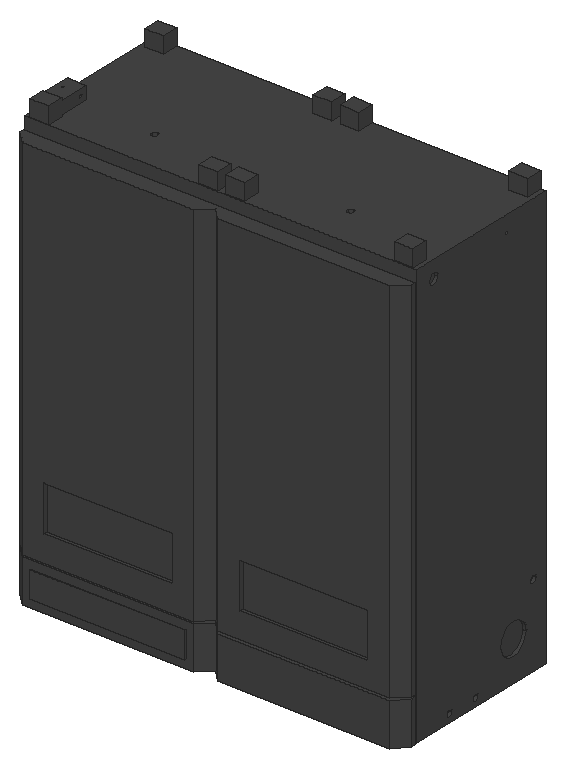
Revit family "SP1012-2_Revit", category Mechanical Equipment, Revit 2014
Parameters (values of type "Standard")
  d98 = 0' - 3.715"
  d177 = 0' - 0"
  d174 = 0' - 5 1/4"
  d172 = 3' - 9.203"
  d170 = 4' - 3.9938"
  d168 = 0' - 5"
  d166 = 0' - 2.11609"
  d164 = 0' - 5"
  d162 = 3' - 8.953"
  d160 = 3' - 8.953"
  d158 = 0' - 2.04"
  d156 = 0' - 2.04"
  d154 = 0' - 2.04"
  d152 = 0' - 2.04"
  d150 = 0' - 2.04"
  d148 = 0' - 2.04"
  d146 = 0' - 2.04"
  d144 = 0' - 0 1/2"
  d142 = 0' - 0 1/2"
  d140 = 0' - 0 1/2"
  d138 = 0' - 0 1/2"
  d136 = 0' - 0 1/2"
  d134 = 0' - 0 1/2"
  d132 = 0' - 0 1/2"
  d130 = 0' - 0 1/2"
  d128 = 0' - 0 1/2"
  d126 = 0' - 0 1/2"
  d124 = 0' - 0 1/2"
  d122 = 0' - 1.568"
  d120 = 0' - 0 1/2"
  d118 = 0' - 0 1/2"
  d116 = 0' - 0 1/2"
  d114 = 0' - 0 1/2"
  d110 = 0' - 0 1/2"
  d108 = 0' - 0 1/2"
  d106 = 0' - 0 1/2"
  d104 = 0' - 0 1/2"
  d102 = 0' - 2.3146"
  d100 = 0' - 2.3146"
  URL = "www.neptronic.com"
  Part Number = "SP1012-2_Revit"
  Model = "SKG3265, SKG3310, SKG3350, SKG3405"
  Manufacturer = "Neptronic"
  Designer = "Antoine"
  Design Status = 1
  Description = "Gas Fired humidifier (2 modules)"
  Date Created = "2014-08-08 10:00:22"
  Connector_6_Width = 0' - 0"
  Connector_6_Height = 0' - 0"
  Connector_5_Width = 0' - 0"
  Connector_5_Height = 0' - 0"
  Connector_4_Diameter = 0' - 0"
  Connector_3_Diameter = 0' - 0"
  Connector_2_Diameter = 0' - 0"
  Connector_1_Diameter = 0' - 0"
  Connector_19_Diameter = 0' - 0"
  Connector_18_Diameter = 0' - 0"
  Connector_17_Diameter = 0' - 0"
  Connector_16_Diameter = 0' - 0"
  Connector_15_Diameter = 0' - 0"
  Connector_14_Diameter = 0' - 0"
  Connector_13_Diameter = 0' - 0"
  Connector_12_Diameter = 0' - 0"
  Connector_11_Diameter = 0' - 0"
  Author = "Antoine"
Reference planes (in)
  plane 1 "Center (Front/Back)": y = 0
  plane 2: z = 0
  plane 3 "Center (Left/Right)": x = 0
  plane 4: z = -43.63562
  plane 5: z = -38.38562
  plane 6: z = 7.06738
  plane 7: z = -38.13562
  plane 8: z = 8.43538
  plane 9: z = -43.55842
  plane 10: z = -38.38562
  plane 11: z = -43.38562
  plane 12: through (58.58844, 39.15473, -38.38562) normal (0.7071, -0.7071, 0)
  plane 13: through (60.08474, 37.65843, -38.38562) normal (-0.7071, 0.7071, 0)
  plane 14: z = -38.38562
  plane 15: z = -43.38562
  plane 16: z = -38.13562
  plane 17: z = 6.81738
  plane 18: z = -38.13562
  plane 19: z = 6.81738
  plane 20: z = 8.43538
  plane 21: z = 10.47538
  plane 22: z = 8.43538
  plane 23: z = 10.47538
  plane 24: z = 8.43538
  plane 25: z = 10.47538
  plane 26: z = 8.43538
  plane 27: z = 10.47538
  plane 28: z = 8.43538
  plane 29: z = 10.47538
  plane 30: z = 8.43538
  plane 31: z = 10.47538
  plane 32: z = 8.43538
  plane 33: z = 10.47538
  plane 34: z = 8.43538
  plane 35: z = 7.93538
  plane 36: z = 8.43538
  plane 37: z = 7.93538
  plane 38: x = 46.56094
  plane 39: x = 46.06094
  plane 40: x = 46.56094
  plane 41: x = 46.06094
  plane 42: x = 46.56094
  plane 43: x = 46.06094
  plane 44: x = 46.56094
  plane 45: x = 46.06094
  plane 46: x = 46.56094
  plane 47: x = 46.06094
  plane 48: x = 46.56094
  plane 49: x = 46.06094
  plane 50: x = -1.38506
  plane 51: x = -0.88506
  plane 52: x = -1.38506
  plane 53: x = -0.88506
  plane 54: x = -1.38506
  plane 55: x = -0.88506
  plane 56: x = -1.38506
  plane 57: x = -2.95306
  plane 58: x = -1.38506
  plane 59: x = -0.88506
  plane 60: x = -1.38506
  plane 61: x = -0.88506
  plane 62: z = -43.55842
  plane 63: z = -43.05842
  plane 64: z = -43.55842
  plane 65: z = -43.05842
  plane 66: z = -43.55842
  plane 67: z = -43.05842
  plane 68: z = -43.55842
  plane 69: z = -43.05842
  plane 70: y = 1.65843
  plane 71: y = 2.15843
  plane 72: y = 1.65843
  plane 73: y = 2.15843
  plane 74: x = 1.43054
  plane 75: x = -0.88406
  plane 76: x = 1.43054
  plane 77: x = -0.88406
  plane 78: y = 9.78053
  plane 79: y = 6.06553
Forms (in)
  Extrusion 1, solid
    sketch origin (0, 0, -43.63562) x (-1, 0, 0) y (0, -1, 0)
      loop
        line (1.39906, -3.71943) -> (1.39906, -3.16923) -> (-0.11174, -1.65843) -> (-45.06514, -1.65843) -> (-46.57494, -3.16823) -> (-46.57494, -3.71943) -> (1.39906, -3.71943)
    from 0 to 5.25
  Extrusion 2, solid
    sketch origin (0, 0, 7.06738) x (-1, 0, 0) y (0, -1, 0)
      loop
        line (-21.09214, -1.65843) -> (-22.58844, -3.15473) -> (-24.08474, -1.65843) -> (-45.06514, -1.65843) -> (-46.57494, -3.16823) -> (-46.57494, -3.71943) -> (1.39906, -3.71943) -> (1.39906, -3.16923) -> (-0.11174, -1.65843) -> (-21.09214, -1.65843)
    from 0 to -45.203
  Extrusion 3, solid
    sketch origin (0, 0, 8.43538) x (0, 1, 0) y (1, 0, 0)
      loop
        line (3.96943, -1.38506) -> (23.71923, -1.38506) -> (23.71923, 46.56094) -> (3.96943, 46.56094) -> (3.96943, -1.38506)
    from 0 to 51.9938
  Extrusion 4, solid
    sketch origin (0, 0, -38.38562) x (-1, 0, 0) y (0, -1, 0)
      loop
        line (-22.35194, -3.96943) -> (1.14906, -3.96943) -> (1.14906, -3.71943) -> (-22.35194, -3.71943) -> (-22.35194, -3.96943)
    from 0 to -5
  Extrusion 5, void
    sketch origin (9.71685, -9.71685, 0) x (-0.707107, -0.707107, 0) y (0, 0, -1)
      loop
        line (-18.20317, 38.38562) -> (-16.08708, 38.38562) -> (-16.08708, 43.63562) -> (-18.20317, 43.63562) -> (-18.20317, 38.38562)
    from 0 to 2.11609
  Extrusion 6, solid
    sketch origin (0, 0, -38.38562) x (-1, 0, 0) y (0, -1, 0)
      loop
        line (-46.32494, -3.96943) -> (-22.82394, -3.96943) -> (-22.82394, -3.71943) -> (-46.32494, -3.71943) -> (-46.32494, -3.96943)
    from 0 to -5
  Extrusion 7, solid
    sketch origin (0, 0, -38.13562) x (-1, 0, 0) y (0, -1, 0)
      loop
        line (1.14906, -3.96943) -> (1.14906, -3.71943) -> (-22.35194, -3.71943) -> (-22.35194, -3.96943) -> (1.14906, -3.96943)
    from 0 to 44.953
  Extrusion 8, solid
    sketch origin (0, 0, -38.13562) x (-1, 0, 0) y (0, -1, 0)
      loop
        line (-22.82394, -3.96943) -> (-22.82394, -3.71943) -> (-46.32494, -3.71943) -> (-46.32494, -3.96943) -> (-22.82394, -3.96943)
    from 0 to 44.953
  Extrusion 9, solid
    sketch origin (0, 0, 8.43538) x (0, 1, 0) y (1, 0, 0)
      loop
        line (23.62093, -0.88406) -> (23.62093, 1.43054) -> (21.62093, 1.43054) -> (21.62093, -0.88406) -> (23.62093, -0.88406)
    from 0 to -2.04
  Extrusion 10, solid
    sketch origin (0, 0, 8.43538) x (0, 1, 0) y (1, 0, 0)
      loop
        line (23.62093, 19.77234) -> (23.62093, 22.08694) -> (21.62093, 22.08694) -> (21.62093, 19.77234) -> (23.62093, 19.77234)
    from 0 to -2.04
  Extrusion 11, solid
    sketch origin (0, 0, 8.43538) x (0, 1, 0) y (1, 0, 0)
      loop
        line (23.62093, 23.08894) -> (23.62093, 25.40354) -> (21.62093, 25.40354) -> (21.62093, 23.08894) -> (23.62093, 23.08894)
    from 0 to -2.04
  Extrusion 12, solid
    sketch origin (0, 0, 8.43538) x (0, 1, 0) y (1, 0, 0)
      loop
        line (4.06553, 22.08694) -> (4.06553, 19.77234) -> (6.06553, 19.77234) -> (6.06553, 22.08694) -> (4.06553, 22.08694)
    from 0 to -2.04
  Extrusion 13, solid
    sketch origin (0, 0, 8.43538) x (0, 1, 0) y (1, 0, 0)
      loop
        line (4.06553, 25.40354) -> (4.06553, 23.08894) -> (6.06553, 23.08894) -> (6.06553, 25.40354) -> (4.06553, 25.40354)
    from 0 to -2.04
  Extrusion 14, solid
    sketch origin (0, 0, 8.43538) x (0, 1, 0) y (1, 0, 0)
      loop
        line (4.06553, 46.05994) -> (4.06553, 43.74534) -> (6.06553, 43.74534) -> (6.06553, 46.05994) -> (4.06553, 46.05994)
    from 0 to -2.04
  Extrusion 15, solid
    sketch origin (0, 0, 8.43538) x (0, 1, 0) y (1, 0, 0)
      loop
        line (23.62093, 43.74534) -> (23.62093, 46.05994) -> (21.62093, 46.05994) -> (21.62093, 43.74534) -> (23.62093, 43.74534)
    from 0 to -2.04
  Extrusion 16, void
    sketch origin (0, 0, 8.43538) x (0, 1, 0) y (1, 0, 0)
      loop
        circle (8.84423, 10.60144) r 0.375
    from 0 to 0.5
  Extrusion 17, void
    sketch origin (0, 0, 8.43538) x (0, 1, 0) y (1, 0, 0)
      loop
        circle (8.84423, 34.57444) r 0.375
    from 0 to 0.5
  Extrusion 18, void
    sketch origin (46.56094, 0, 0) x (0, -1, 0) y (0, 0, -1)
      loop
        circle (-6.54323, -6.24533) r 0.6875
    from 0 to -0.5
  Extrusion 19, void
    sketch origin (46.56094, 0, 0) x (0, -1, 0) y (0, 0, -1)
      loop
        circle (-17.71823, -6.40138) r 0.25
    from 0 to -0.5
  Extrusion 20, void
    sketch origin (46.56094, 0, 0) x (0, -1, 0) y (0, 0, -1)
      loop
        circle (-21.80923, 33.40863) r 0.5
    from 0 to -0.5
  Extrusion 21, void
    sketch origin (46.56094, 0, 0) x (0, -1, 0) y (0, 0, -1)
      loop
        circle (-18.77008, 38.62062) r 2
    from 0 to -0.5
  Extrusion 22, void
    sketch origin (46.56094, 0, 0) x (0, -1, 0) y (0, 0, -1)
      loop
        circle (-12.96823, 42.51062) r 0.4375
    from 0 to -0.5
  Extrusion 23, void
    sketch origin (46.56094, 0, 0) x (0, -1, 0) y (0, 0, -1)
      loop
        circle (-8.96823, 42.51062) r 0.4375
    from 0 to -0.5
  Extrusion 24, void
    sketch origin (-1.38506, 0, 0) x (0, -1, 0) y (0, 0, 1)
      loop
        circle (-17.71823, 6.40138) r 0.25
    from 0 to -0.5
  Extrusion 25, void
    sketch origin (-1.38506, 0, 0) x (0, -1, 0) y (0, 0, 1)
      loop
        circle (-6.54323, 6.24533) r 0.6875
    from 0 to -0.5
  Extrusion 26, void
    sketch origin (-1.38506, 0, 0) x (0, -1, 0) y (0, 0, 1)
      loop
        circle (-21.80923, -33.40863) r 0.5
    from 0 to -0.5
  Extrusion 27, solid
    sketch origin (-1.38506, 0, 0) x (0, -1, 0) y (0, 0, 1)
      loop
        circle (-18.77008, -38.62062) r 2
    from 0 to 1.568
  Extrusion 28, void
    sketch origin (-1.38506, 0, 0) x (0, -1, 0) y (0, 0, 1)
      loop
        circle (-12.96823, -42.51062) r 0.4375
    from 0 to -0.5
  Extrusion 29, void
    sketch origin (-1.38506, 0, 0) x (0, -1, 0) y (0, 0, 1)
      loop
        circle (-8.96823, -42.51062) r 0.4375
    from 0 to -0.5
  Extrusion 30, void
    sketch origin (0, 0, -43.55842) x (0, 1, 0) y (1, 0, 0)
      loop
        circle (6.11923, 12.41494) r 1
    from 0 to -0.5
  Extrusion 31, void
    sketch origin (0, 0, -43.55842) x (0, 1, 0) y (1, 0, 0)
      loop
        circle (14.71923, 16.61494) r 1.5
    from 0 to -0.5
  Extrusion 32, void
    sketch origin (0, 0, -43.55842) x (0, 1, 0) y (1, 0, 0)
      loop
        circle (6.11923, 36.38794) r 1
    from 0 to -0.5
  Extrusion 33, void
    sketch origin (0, 0, -43.55842) x (0, 1, 0) y (1, 0, 0)
      loop
        circle (14.71923, 40.58794) r 1.5
    from 0 to -0.5
  Extrusion 34, void
    sketch origin (0, 1.65843, 0) x (-1, 0, 0) y (0, 0, -1)
      loop
        line (-2.72594, 34.97512) -> (-18.47594, 34.97512) -> (-18.47594, 29.37962) -> (-2.72594, 29.37962) -> (-2.72594, 34.97512)
    from 0 to -0.5
  Extrusion 35, void
    sketch origin (0, 1.65843, 0) x (-1, 0, 0) y (0, 0, -1)
      loop
        line (-26.69894, 34.97512) -> (-42.44894, 34.97512) -> (-42.44894, 29.37962) -> (-26.69894, 29.37962) -> (-26.69894, 34.97512)
    from 0 to -0.5
  Extrusion 36, solid
    sketch origin (1.43054, 0, 0) x (0, -1, 0) y (0, 0, -1)
      loop
        line (-9.78053, -10.47538) -> (-4.06553, -10.47538) -> (-4.06553, -8.43538) -> (-6.06553, -8.43538) -> (-6.06553, -8.59638) -> (-9.78053, -8.59638) -> (-9.78053, -10.47538)
    from 0 to -2.3146
  Extrusion 37, void
    sketch origin (1.43054, 0, 0) x (0, -1, 0) y (0, 0, -1)
      loop
        circle (-8.84303, -9.39638) r 0.25
    from 0 to -2.3146
  Extrusion 38, void
    sketch origin (0, 9.78053, 0) x (-1, 0, 0) y (0, 0, 1)
      loop
        line (-1.43054, 10.19638) -> (0.88406, 10.19638) -> (0.88406, 10.47538) -> (-1.43054, 10.47538) -> (-1.43054, 10.19638)
    from 0 to -3.715
  Extrusion 39, solid
    sketch origin (0.11174, 1.65843, -38.38562) x (0, 0, -1) y (1, 0, 0)
      loop
        line (1, 1) -> (4.25, 1) -> (4.25, 19.9804) -> (1, 19.9804) -> (1, 1)
    from 0 to 0.125
Cuts and joins
  Extrusion 5, Extrusion 16, Extrusion 17, Extrusion 18, Extrusion 19, Extrusion 20, Extrusion 21, Extrusion 22, Extrusion 23, Extrusion 24, Extrusion 25, Extrusion 26, Extrusion 28, Extrusion 29, Extrusion 30, Extrusion 31, Extrusion 32, Extrusion 33, Extrusion 34, Extrusion 35, Extrusion 37, Extrusion 38 cuts Extrusion 1
  Extrusion 5, Extrusion 16, Extrusion 17, Extrusion 18, Extrusion 19, Extrusion 20, Extrusion 21, Extrusion 22, Extrusion 23, Extrusion 24, Extrusion 25, Extrusion 26, Extrusion 28, Extrusion 29, Extrusion 30, Extrusion 31, Extrusion 32, Extrusion 33, Extrusion 34, Extrusion 35, Extrusion 37, Extrusion 38 cuts Extrusion 2
  Extrusion 5, Extrusion 16, Extrusion 17, Extrusion 18, Extrusion 19, Extrusion 20, Extrusion 21, Extrusion 22, Extrusion 23, Extrusion 24, Extrusion 25, Extrusion 26, Extrusion 28, Extrusion 29, Extrusion 30, Extrusion 31, Extrusion 32, Extrusion 33, Extrusion 34, Extrusion 35, Extrusion 37, Extrusion 38 cuts Extrusion 3
  Extrusion 5, Extrusion 16, Extrusion 17, Extrusion 18, Extrusion 19, Extrusion 20, Extrusion 21, Extrusion 22, Extrusion 23, Extrusion 24, Extrusion 25, Extrusion 26, Extrusion 28, Extrusion 29, Extrusion 30, Extrusion 31, Extrusion 32, Extrusion 33, Extrusion 34, Extrusion 35, Extrusion 37, Extrusion 38 cuts Extrusion 4
  Extrusion 16, Extrusion 17, Extrusion 18, Extrusion 19, Extrusion 20, Extrusion 21, Extrusion 22, Extrusion 23, Extrusion 24, Extrusion 25, Extrusion 26, Extrusion 28, Extrusion 29, Extrusion 30, Extrusion 31, Extrusion 32, Extrusion 33, Extrusion 34, Extrusion 35, Extrusion 37, Extrusion 38 cuts Extrusion 6
  Extrusion 16, Extrusion 17, Extrusion 18, Extrusion 19, Extrusion 20, Extrusion 21, Extrusion 22, Extrusion 23, Extrusion 24, Extrusion 25, Extrusion 26, Extrusion 28, Extrusion 29, Extrusion 30, Extrusion 31, Extrusion 32, Extrusion 33, Extrusion 34, Extrusion 35, Extrusion 37, Extrusion 38 cuts Extrusion 7
  Extrusion 16, Extrusion 17, Extrusion 18, Extrusion 19, Extrusion 20, Extrusion 21, Extrusion 22, Extrusion 23, Extrusion 24, Extrusion 25, Extrusion 26, Extrusion 28, Extrusion 29, Extrusion 30, Extrusion 31, Extrusion 32, Extrusion 33, Extrusion 34, Extrusion 35, Extrusion 37, Extrusion 38 cuts Extrusion 8
  Extrusion 16, Extrusion 17, Extrusion 18, Extrusion 19, Extrusion 20, Extrusion 21, Extrusion 22, Extrusion 23, Extrusion 24, Extrusion 25, Extrusion 26, Extrusion 28, Extrusion 29, Extrusion 30, Extrusion 31, Extrusion 32, Extrusion 33, Extrusion 34, Extrusion 35, Extrusion 37, Extrusion 38 cuts Extrusion 9
  Extrusion 16, Extrusion 17, Extrusion 18, Extrusion 19, Extrusion 20, Extrusion 21, Extrusion 22, Extrusion 23, Extrusion 24, Extrusion 25, Extrusion 26, Extrusion 28, Extrusion 29, Extrusion 30, Extrusion 31, Extrusion 32, Extrusion 33, Extrusion 34, Extrusion 35, Extrusion 37, Extrusion 38 cuts Extrusion 10
  Extrusion 16, Extrusion 17, Extrusion 18, Extrusion 19, Extrusion 20, Extrusion 21, Extrusion 22, Extrusion 23, Extrusion 24, Extrusion 25, Extrusion 26, Extrusion 28, Extrusion 29, Extrusion 30, Extrusion 31, Extrusion 32, Extrusion 33, Extrusion 34, Extrusion 35, Extrusion 37, Extrusion 38 cuts Extrusion 11
  Extrusion 16, Extrusion 17, Extrusion 18, Extrusion 19, Extrusion 20, Extrusion 21, Extrusion 22, Extrusion 23, Extrusion 24, Extrusion 25, Extrusion 26, Extrusion 28, Extrusion 29, Extrusion 30, Extrusion 31, Extrusion 32, Extrusion 33, Extrusion 34, Extrusion 35, Extrusion 37, Extrusion 38 cuts Extrusion 12
  Extrusion 16, Extrusion 17, Extrusion 18, Extrusion 19, Extrusion 20, Extrusion 21, Extrusion 22, Extrusion 23, Extrusion 24, Extrusion 25, Extrusion 26, Extrusion 28, Extrusion 29, Extrusion 30, Extrusion 31, Extrusion 32, Extrusion 33, Extrusion 34, Extrusion 35, Extrusion 37, Extrusion 38 cuts Extrusion 13
  Extrusion 16, Extrusion 17, Extrusion 18, Extrusion 19, Extrusion 20, Extrusion 21, Extrusion 22, Extrusion 23, Extrusion 24, Extrusion 25, Extrusion 26, Extrusion 28, Extrusion 29, Extrusion 30, Extrusion 31, Extrusion 32, Extrusion 33, Extrusion 34, Extrusion 35, Extrusion 37, Extrusion 38 cuts Extrusion 14
  Extrusion 16, Extrusion 17, Extrusion 18, Extrusion 19, Extrusion 20, Extrusion 21, Extrusion 22, Extrusion 23, Extrusion 24, Extrusion 25, Extrusion 26, Extrusion 28, Extrusion 29, Extrusion 30, Extrusion 31, Extrusion 32, Extrusion 33, Extrusion 34, Extrusion 35, Extrusion 37, Extrusion 38 cuts Extrusion 15
  Extrusion 28, Extrusion 29, Extrusion 30, Extrusion 31, Extrusion 32, Extrusion 33, Extrusion 34, Extrusion 35, Extrusion 37, Extrusion 38 cuts Extrusion 27
  Extrusion 37, Extrusion 38 cuts Extrusion 36
  joined: Extrusion 1, Extrusion 2, Extrusion 3, Extrusion 4, Extrusion 6, Extrusion 7, Extrusion 8, Extrusion 9, Extrusion 10, Extrusion 11, Extrusion 12, Extrusion 13, Extrusion 14, Extrusion 15, Extrusion 27, Extrusion 36, Extrusion 39
Lines and regions (in)
  reference lines
    curve 1: line (-1.39906, 3.71943, -43.63562) -> (46.57494, 3.71943, -43.63562)
    curve 2: line (46.57494, 3.71943, -43.63562) -> (46.57494, 3.16823, -43.63562)
    curve 3: line (46.57494, 3.16823, -43.63562) -> (45.06514, 1.65843, -43.63562)
    curve 4: line (45.06514, 1.65843, -43.63562) -> (0.11174, 1.65843, -43.63562)
    curve 5: line (0.11174, 1.65843, -43.63562) -> (-1.39906, 3.16923, -43.63562)
    curve 6: line (-1.39906, 3.16923, -43.63562) -> (-1.39906, 3.71943, -43.63562)
    curve 7: line (21.09214, 1.65843, 7.06738) -> (22.58844, 3.15473, 7.06738)
    curve 8: line (22.58844, 3.15473, 7.06738) -> (24.08474, 1.65843, 7.06738)
    curve 9: line (24.08474, 1.65843, 7.06738) -> (45.06514, 1.65843, 7.06738)
    curve 10: line (45.06514, 1.65843, 7.06738) -> (46.57494, 3.16823, 7.06738)
    curve 11: line (46.57494, 3.16823, 7.06738) -> (46.57494, 3.71943, 7.06738)
    curve 12: line (46.57494, 3.71943, 7.06738) -> (-1.39906, 3.71943, 7.06738)
    curve 13: line (-1.39906, 3.71943, 7.06738) -> (-1.39906, 3.16923, 7.06738)
    curve 14: line (-1.39906, 3.16923, 7.06738) -> (0.11174, 1.65843, 7.06738)
    curve 15: line (0.11174, 1.65843, 7.06738) -> (21.09214, 1.65843, 7.06738)
    curve 16: line (-1.38506, 3.96943, 8.43538) -> (46.56094, 3.96943, 8.43538)
    curve 17: line (46.56094, 3.96943, 8.43538) -> (46.56094, 23.71923, 8.43538)
    curve 18: line (46.56094, 23.71923, 8.43538) -> (-1.38506, 23.71923, 8.43538)
    curve 19: line (-1.38506, 23.71923, 8.43538) -> (-1.38506, 3.96943, 8.43538)
    curve 20: line (22.35194, 3.96943, -38.38562) -> (-1.14906, 3.96943, -38.38562)
    curve 21: line (-1.14906, 3.71943, -38.38562) -> (-1.14906, 3.96943, -38.38562)
    curve 22: line (-1.14906, 3.71943, -38.38562) -> (22.35194, 3.71943, -38.38562)
    curve 23: line (22.35194, 3.96943, -38.38562) -> (22.35194, 3.71943, -38.38562)
    curve 24: line (22.58844, 3.15473, -38.38562) -> (22.58844, 3.15473, -43.63562)
    curve 25: line (22.58844, 3.15473, -43.63562) -> (21.09214, 1.65843, -43.63562)
    curve 26: line (21.09214, 1.65843, -38.38562) -> (21.09214, 1.65843, -43.63562)
    curve 27: line (22.58844, 3.15473, -38.38562) -> (21.09214, 1.65843, -38.38562)
    curve 28: line (46.32494, 3.96943, -38.38562) -> (22.82394, 3.96943, -38.38562)
    curve 29: line (22.82394, 3.71943, -38.38562) -> (22.82394, 3.96943, -38.38562)
    curve 30: line (22.82394, 3.71943, -38.38562) -> (46.32494, 3.71943, -38.38562)
    curve 31: line (46.32494, 3.96943, -38.38562) -> (46.32494, 3.71943, -38.38562)
    curve 32: line (-1.14906, 3.96943, -38.13562) -> (22.35194, 3.96943, -38.13562)
    curve 33: line (22.35194, 3.71943, -38.13562) -> (22.35194, 3.96943, -38.13562)
    curve 34: line (22.35194, 3.71943, -38.13562) -> (-1.14906, 3.71943, -38.13562)
    curve 35: line (-1.14906, 3.96943, -38.13562) -> (-1.14906, 3.71943, -38.13562)
    curve 36: line (22.82394, 3.96943, -38.13562) -> (46.32494, 3.96943, -38.13562)
    curve 37: line (46.32494, 3.71943, -38.13562) -> (46.32494, 3.96943, -38.13562)
    curve 38: line (46.32494, 3.71943, -38.13562) -> (22.82394, 3.71943, -38.13562)
    curve 39: line (22.82394, 3.96943, -38.13562) -> (22.82394, 3.71943, -38.13562)
    curve 40: line (-0.88406, 23.62093, 8.43538) -> (1.43054, 23.62093, 8.43538)
    curve 41: line (1.43054, 23.62093, 8.43538) -> (1.43054, 21.62093, 8.43538)
    curve 42: line (1.43054, 21.62093, 8.43538) -> (-0.88406, 21.62093, 8.43538)
    curve 43: line (-0.88406, 21.62093, 8.43538) -> (-0.88406, 23.62093, 8.43538)
    curve 44: line (19.77234, 23.62093, 8.43538) -> (22.08694, 23.62093, 8.43538)
    curve 45: line (22.08694, 23.62093, 8.43538) -> (22.08694, 21.62093, 8.43538)
    curve 46: line (22.08694, 21.62093, 8.43538) -> (19.77234, 21.62093, 8.43538)
    curve 47: line (19.77234, 21.62093, 8.43538) -> (19.77234, 23.62093, 8.43538)
    curve 48: line (23.08894, 23.62093, 8.43538) -> (25.40354, 23.62093, 8.43538)
    curve 49: line (25.40354, 23.62093, 8.43538) -> (25.40354, 21.62093, 8.43538)
    curve 50: line (25.40354, 21.62093, 8.43538) -> (23.08894, 21.62093, 8.43538)
    curve 51: line (23.08894, 21.62093, 8.43538) -> (23.08894, 23.62093, 8.43538)
    curve 52: line (22.08694, 4.06553, 8.43538) -> (19.77234, 4.06553, 8.43538)
    curve 53: line (19.77234, 4.06553, 8.43538) -> (19.77234, 6.06553, 8.43538)
    curve 54: line (19.77234, 6.06553, 8.43538) -> (22.08694, 6.06553, 8.43538)
    curve 55: line (22.08694, 6.06553, 8.43538) -> (22.08694, 4.06553, 8.43538)
    curve 56: line (25.40354, 4.06553, 8.43538) -> (23.08894, 4.06553, 8.43538)
    curve 57: line (23.08894, 4.06553, 8.43538) -> (23.08894, 6.06553, 8.43538)
    curve 58: line (23.08894, 6.06553, 8.43538) -> (25.40354, 6.06553, 8.43538)
    curve 59: line (25.40354, 6.06553, 8.43538) -> (25.40354, 4.06553, 8.43538)
    curve 60: line (46.05994, 4.06553, 8.43538) -> (43.74534, 4.06553, 8.43538)
    curve 61: line (43.74534, 4.06553, 8.43538) -> (43.74534, 6.06553, 8.43538)
    curve 62: line (43.74534, 6.06553, 8.43538) -> (46.05994, 6.06553, 8.43538)
    curve 63: line (46.05994, 6.06553, 8.43538) -> (46.05994, 4.06553, 8.43538)
    curve 64: line (43.74534, 23.62093, 8.43538) -> (46.05994, 23.62093, 8.43538)
    curve 65: line (46.05994, 23.62093, 8.43538) -> (46.05994, 21.62093, 8.43538)
    curve 66: line (46.05994, 21.62093, 8.43538) -> (43.74534, 21.62093, 8.43538)
    curve 67: line (43.74534, 21.62093, 8.43538) -> (43.74534, 23.62093, 8.43538)
    curve 68: circle (10.60144, 8.84423, 8.43538) r 0.375 normal (0, 0, -1)
    curve 69: circle (34.57444, 8.84423, 8.43538) r 0.375 normal (0, 0, -1)
    curve 70: circle (46.56094, 6.54323, 6.24533) r 0.6875 normal (1, 0, 0)
    curve 71: circle (46.56094, 17.71823, 6.40138) r 0.25 normal (1, 0, 0)
    curve 72: circle (46.56094, 21.80923, -33.40863) r 0.5 normal (1, 0, 0)
    curve 73: circle (46.56094, 18.77008, -38.62062) r 2 normal (1, 0, 0)
    curve 74: circle (46.56094, 12.96823, -42.51062) r 0.4375 normal (1, 0, 0)
    curve 75: circle (46.56094, 8.96823, -42.51062) r 0.4375 normal (1, 0, 0)
    curve 76: circle (-1.38506, 17.71823, 6.40138) r 0.25 normal (-1, 0, 0)
    curve 77: circle (-1.38506, 6.54323, 6.24533) r 0.6875 normal (-1, 0, 0)
    curve 78: circle (-1.38506, 21.80923, -33.40863) r 0.5 normal (-1, 0, 0)
    curve 79: circle (-1.38506, 18.77008, -38.62062) r 2 normal (-1, 0, 0)
    curve 80: circle (-1.38506, 12.96823, -42.51062) r 0.4375 normal (-1, 0, 0)
    curve 81: circle (-1.38506, 8.96823, -42.51062) r 0.4375 normal (-1, 0, 0)
    curve 82: circle (12.41494, 6.11923, -43.55842) r 1 normal (0, 0, -1)
    curve 83: circle (16.61494, 14.71923, -43.55842) r 1.5 normal (0, 0, -1)
    curve 84: circle (36.38794, 6.11923, -43.55842) r 1 normal (0, 0, -1)
    curve 85: circle (40.58794, 14.71923, -43.55842) r 1.5 normal (0, 0, -1)
    curve 86: line (2.72594, 1.65843, -34.97512) -> (2.72594, 1.65843, -29.37962)
    curve 87: line (2.72594, 1.65843, -29.37962) -> (18.47594, 1.65843, -29.37962)
    curve 88: line (18.47594, 1.65843, -29.37962) -> (18.47594, 1.65843, -34.97512)
    curve 89: line (18.47594, 1.65843, -34.97512) -> (2.72594, 1.65843, -34.97512)
    curve 90: line (26.69894, 1.65843, -34.97512) -> (26.69894, 1.65843, -29.37962)
    curve 91: line (26.69894, 1.65843, -29.37962) -> (42.44894, 1.65843, -29.37962)
    curve 92: line (42.44894, 1.65843, -29.37962) -> (42.44894, 1.65843, -34.97512)
    curve 93: line (42.44894, 1.65843, -34.97512) -> (26.69894, 1.65843, -34.97512)
    curve 94: line (1.43054, 9.78053, 10.47538) -> (1.43054, 4.06553, 10.47538)
    curve 95: line (1.43054, 4.06553, 8.43538) -> (1.43054, 4.06553, 10.47538)
    curve 96: line (1.43054, 4.06553, 8.43538) -> (1.43054, 6.06553, 8.43538)
    curve 97: line (1.43054, 6.06553, 8.43538) -> (1.43054, 6.06553, 8.59638)
    curve 98: line (1.43054, 6.06553, 8.59638) -> (1.43054, 9.78053, 8.59638)
    curve 99: line (1.43054, 9.78053, 8.59638) -> (1.43054, 9.78053, 10.47538)
    curve 100: circle (1.43054, 8.84303, 9.39638) r 0.25 normal (1, 0, 0)
    curve 101: line (1.43054, 9.78053, 10.19638) -> (-0.88406, 9.78053, 10.19638)
    curve 102: line (-0.88406, 9.78053, 10.19638) -> (-0.88406, 9.78053, 10.47538)
    curve 103: line (1.43054, 9.78053, 10.47538) -> (-0.88406, 9.78053, 10.47538)
    curve 104: line (1.43054, 9.78053, 10.19638) -> (1.43054, 9.78053, 10.47538)
    curve 105: line (1.11174, 1.65843, -39.38562) -> (20.09214, 1.65843, -39.38562)
    curve 106: line (20.09214, 1.65843, -39.38562) -> (20.09214, 1.65843, -42.63562)
    curve 107: line (20.09214, 1.65843, -42.63562) -> (1.11174, 1.65843, -42.63562)
    curve 108: line (1.11174, 1.65843, -42.63562) -> (1.11174, 1.65843, -39.38562)
Dimensions and locks (in)
  "d174": plane 4 to plane 5
  "d172": plane 7 to plane 6
  "d170": plane 8 to plane 9
  "d168": plane 11 to plane 10
  "d166": plane 12 to plane 13
  "d164": plane 15 to plane 14
  "d162": plane 16 to plane 17
  "d160": plane 18 to plane 19
  "d158": plane 21 to plane 20
  "d156": plane 23 to plane 22
  "d154": plane 25 to plane 24
  "d152": plane 27 to plane 26
  "d150": plane 29 to plane 28
  "d148": plane 31 to plane 30
  "d146": plane 33 to plane 32
  "d144": plane 34 to plane 35
  "d142": plane 36 to plane 37
  "d140": plane 39 to plane 38
  "d138": plane 41 to plane 40
  "d136": plane 43 to plane 42
  "d134": plane 45 to plane 44
  "d132": plane 47 to plane 46
  "d130": plane 49 to plane 48
  "d128": plane 51 to plane 50
  "d126": plane 53 to plane 52
  "d124": plane 55 to plane 54
  "d122": plane 56 to plane 57
  "d120": plane 59 to plane 58
  "d118": plane 61 to plane 60
  "d116": plane 63 to plane 62
  "d114": plane 65 to plane 64
  "d110": plane 67 to plane 66
  "d108": plane 69 to plane 68
  "d106": plane 71 to plane 70
  "d104": plane 73 to plane 72
  "d102": plane 75 to plane 74
  "d100": plane 77 to plane 76
  "d98": plane 79 to plane 78
  aligned and locked: plane 2 to level
  aligned and locked: Extrusion 1 to plane 5
  aligned and locked: Extrusion 1 to plane 4
  aligned and locked: Extrusion 1 sketch curve to curve 1
  aligned and locked: Extrusion 1 sketch curve to curve 2
  aligned and locked: Extrusion 1 sketch curve to curve 3
  aligned and locked: Extrusion 1 sketch curve to curve 4
  aligned and locked: Extrusion 1 sketch curve to curve 5
  aligned and locked: Extrusion 1 sketch curve to curve 6
  aligned and locked: plane 7 to Extrusion 2
  aligned and locked: Extrusion 2 to plane 6
  aligned and locked: Extrusion 2 sketch curve to curve 7
  aligned and locked: Extrusion 2 sketch curve to curve 8
  aligned and locked: Extrusion 2 sketch curve to curve 9
  aligned and locked: Extrusion 2 sketch curve to curve 10
  aligned and locked: Extrusion 2 sketch curve to curve 11
  aligned and locked: Extrusion 2 sketch curve to curve 12
  aligned and locked: Extrusion 2 sketch curve to curve 13
  aligned and locked: Extrusion 2 sketch curve to curve 14
  aligned and locked: Extrusion 2 sketch curve to curve 15
  aligned and locked: plane 9 to Extrusion 3
  aligned and locked: Extrusion 3 to plane 8
  aligned and locked: Extrusion 3 sketch curve to curve 16
  aligned and locked: Extrusion 3 sketch curve to curve 17
  aligned and locked: Extrusion 3 sketch curve to curve 18
  aligned and locked: Extrusion 3 sketch curve to curve 19
  aligned and locked: plane 11 to Extrusion 4
  aligned and locked: Extrusion 4 to plane 10
  aligned and locked: Extrusion 4 sketch curve to curve 20
  aligned and locked: Extrusion 4 sketch curve to curve 21
  aligned and locked: Extrusion 4 sketch curve to curve 22
  aligned and locked: Extrusion 4 sketch curve to curve 23
  aligned and locked: Extrusion 5 to plane 13
  aligned and locked: Extrusion 5 to plane 12
  aligned and locked: Extrusion 5 sketch curve to curve 24
  aligned and locked: Extrusion 5 sketch curve to curve 25
  aligned and locked: Extrusion 5 sketch curve to curve 26
  aligned and locked: Extrusion 5 sketch curve to curve 27
  aligned and locked: plane 15 to Extrusion 6
  aligned and locked: plane 14 to Extrusion 6
  aligned and locked: Extrusion 6 sketch curve to curve 28
  aligned and locked: Extrusion 6 sketch curve to curve 29
  aligned and locked: Extrusion 6 sketch curve to curve 30
  aligned and locked: Extrusion 6 sketch curve to curve 31
  aligned and locked: Extrusion 7 to plane 17
  aligned and locked: plane 16 to Extrusion 7
  aligned and locked: Extrusion 7 sketch curve to curve 32
  aligned and locked: Extrusion 7 sketch curve to curve 33
  aligned and locked: Extrusion 7 sketch curve to curve 34
  aligned and locked: Extrusion 7 sketch curve to curve 35
  aligned and locked: plane 19 to Extrusion 8
  aligned and locked: Extrusion 8 to plane 18
  aligned and locked: Extrusion 8 sketch curve to curve 36
  aligned and locked: Extrusion 8 sketch curve to curve 37
  aligned and locked: Extrusion 8 sketch curve to curve 38
  aligned and locked: Extrusion 8 sketch curve to curve 39
  aligned and locked: Extrusion 9 to plane 21
  aligned and locked: plane 20 to Extrusion 9
  aligned and locked: Extrusion 9 sketch curve to curve 40
  aligned and locked: Extrusion 9 sketch curve to curve 41
  aligned and locked: Extrusion 9 sketch curve to curve 42
  aligned and locked: Extrusion 9 sketch curve to curve 43
  aligned and locked: Extrusion 10 to plane 23
  aligned and locked: plane 22 to Extrusion 10
  aligned and locked: Extrusion 10 sketch curve to curve 44
  aligned and locked: Extrusion 10 sketch curve to curve 45
  aligned and locked: Extrusion 10 sketch curve to curve 46
  aligned and locked: Extrusion 10 sketch curve to curve 47
  aligned and locked: plane 25 to Extrusion 11
  aligned and locked: plane 24 to Extrusion 11
  aligned and locked: Extrusion 11 sketch curve to curve 48
  aligned and locked: Extrusion 11 sketch curve to curve 49
  aligned and locked: Extrusion 11 sketch curve to curve 50
  aligned and locked: Extrusion 11 sketch curve to curve 51
  aligned and locked: Extrusion 12 to plane 27
  aligned and locked: plane 26 to Extrusion 12
  aligned and locked: Extrusion 12 sketch curve to curve 52
  aligned and locked: Extrusion 12 sketch curve to curve 53
  aligned and locked: Extrusion 12 sketch curve to curve 54
  aligned and locked: Extrusion 12 sketch curve to curve 55
  aligned and locked: plane 29 to Extrusion 13
  aligned and locked: plane 28 to Extrusion 13
  aligned and locked: Extrusion 13 sketch curve to curve 56
  aligned and locked: Extrusion 13 sketch curve to curve 57
  aligned and locked: Extrusion 13 sketch curve to curve 58
  aligned and locked: Extrusion 13 sketch curve to curve 59
  aligned and locked: plane 31 to Extrusion 14
  aligned and locked: plane 30 to Extrusion 14
  aligned and locked: Extrusion 14 sketch curve to curve 60
  aligned and locked: Extrusion 14 sketch curve to curve 61
  aligned and locked: Extrusion 14 sketch curve to curve 62
  aligned and locked: Extrusion 14 sketch curve to curve 63
  aligned and locked: plane 33 to Extrusion 15
  aligned and locked: plane 32 to Extrusion 15
  aligned and locked: Extrusion 15 sketch curve to curve 64
  aligned and locked: Extrusion 15 sketch curve to curve 65
  aligned and locked: Extrusion 15 sketch curve to curve 66
  aligned and locked: Extrusion 15 sketch curve to curve 67
  aligned and locked: plane 35 to Extrusion 16
  aligned and locked: Extrusion 16 to plane 34
  aligned and locked: Extrusion 16 sketch curve to curve 68  (x2)
  aligned and locked: Extrusion 17 to plane 37
  aligned and locked: Extrusion 17 to plane 36
  aligned and locked: Extrusion 17 sketch curve to curve 69  (x2)
  aligned and locked: plane 39 to Extrusion 18
  aligned and locked: Extrusion 18 to plane 38
  aligned and locked: Extrusion 18 sketch curve to curve 70  (x2)
  aligned and locked: plane 41 to Extrusion 19
  aligned and locked: Extrusion 19 to plane 40
  aligned and locked: Extrusion 19 sketch curve to curve 71  (x2)
  aligned and locked: plane 43 to Extrusion 20
  aligned and locked: Extrusion 20 to plane 42
  aligned and locked: Extrusion 20 sketch curve to curve 72  (x2)
  aligned and locked: plane 45 to Extrusion 21
  aligned and locked: Extrusion 21 to plane 44
  aligned and locked: Extrusion 21 sketch curve to curve 73  (x2)
  aligned and locked: plane 47 to Extrusion 22
  aligned and locked: Extrusion 22 to plane 46
  aligned and locked: Extrusion 22 sketch curve to curve 74  (x2)
  aligned and locked: plane 49 to Extrusion 23
  aligned and locked: Extrusion 23 to plane 48
  aligned and locked: Extrusion 23 sketch curve to curve 75  (x2)
  aligned and locked: Extrusion 24 to plane 51
  aligned and locked: plane 50 to Extrusion 24
  aligned and locked: Extrusion 24 sketch curve to curve 76  (x2)
  aligned and locked: Extrusion 25 to plane 53
  aligned and locked: plane 52 to Extrusion 25
  aligned and locked: Extrusion 25 sketch curve to curve 77  (x2)
  aligned and locked: Extrusion 26 to plane 55
  aligned and locked: plane 54 to Extrusion 26
  aligned and locked: Extrusion 26 sketch curve to curve 78  (x2)
  aligned and locked: plane 57 to Extrusion 27
  aligned and locked: Extrusion 27 to plane 56
  aligned and locked: Extrusion 27 sketch curve to curve 79  (x2)
  aligned and locked: Extrusion 28 to plane 59
  aligned and locked: plane 58 to Extrusion 28
  aligned and locked: Extrusion 28 sketch curve to curve 80  (x2)
  aligned and locked: Extrusion 29 to plane 61
  aligned and locked: plane 60 to Extrusion 29
  aligned and locked: Extrusion 29 sketch curve to curve 81  (x2)
  aligned and locked: Extrusion 30 to plane 63
  aligned and locked: plane 62 to Extrusion 30
  aligned and locked: Extrusion 30 sketch curve to curve 82  (x2)
  aligned and locked: Extrusion 31 to plane 65
  aligned and locked: plane 64 to Extrusion 31
  aligned and locked: Extrusion 31 sketch curve to curve 83  (x2)
  aligned and locked: Extrusion 32 to plane 67
  aligned and locked: plane 66 to Extrusion 32
  aligned and locked: Extrusion 32 sketch curve to curve 84  (x2)
  aligned and locked: Extrusion 33 to plane 69
  aligned and locked: plane 68 to Extrusion 33
  aligned and locked: Extrusion 33 sketch curve to curve 85  (x2)
  aligned and locked: Extrusion 34 to plane 71
  aligned and locked: plane 70 to Extrusion 34
  aligned and locked: Extrusion 34 sketch curve to curve 86
  aligned and locked: Extrusion 34 sketch curve to curve 87
  aligned and locked: Extrusion 34 sketch curve to curve 88
  aligned and locked: Extrusion 34 sketch curve to curve 89
  aligned and locked: Extrusion 35 to plane 73
  aligned and locked: plane 72 to Extrusion 35
  aligned and locked: Extrusion 35 sketch curve to curve 90
  aligned and locked: Extrusion 35 sketch curve to curve 91
  aligned and locked: Extrusion 35 sketch curve to curve 92
  aligned and locked: Extrusion 35 sketch curve to curve 93
  aligned and locked: plane 75 to Extrusion 36
  aligned and locked: Extrusion 36 to plane 74
  aligned and locked: Extrusion 36 sketch curve to curve 94
  aligned and locked: Extrusion 36 sketch curve to curve 95
  aligned and locked: Extrusion 36 sketch curve to curve 96
  aligned and locked: Extrusion 36 sketch curve to curve 97
  aligned and locked: Extrusion 36 sketch curve to curve 98
  aligned and locked: Extrusion 36 sketch curve to curve 99
  aligned and locked: Extrusion 37 to plane 77
  aligned and locked: plane 76 to Extrusion 37
  aligned and locked: Extrusion 37 sketch curve to curve 100  (x2)
  aligned and locked: Extrusion 38 to plane 79
  aligned and locked: plane 78 to Extrusion 38
  aligned and locked: Extrusion 38 sketch curve to curve 101
  aligned and locked: Extrusion 38 sketch curve to curve 102
  aligned and locked: Extrusion 38 sketch curve to curve 103
  aligned and locked: Extrusion 38 sketch curve to curve 104
  aligned and locked: Extrusion 39 sketch curve to curve 105
  aligned and locked: Extrusion 39 sketch curve to curve 106
  aligned and locked: Extrusion 39 sketch curve to curve 107
  aligned and locked: Extrusion 39 sketch curve to curve 108
Connectors (in)
  hvac at (40.58794, 14.71923, -43.55842), driven by "Connector_1_Diameter"
    settings: on cut or joined group 1 (Extrusion 1, Extrusion 2, Extrusion 3, Extrusion 4, Extrusion 5, Extrusion 6, Extrusion 7, Extrusion 8, Extrusion 9, Extrusion 10, Extrusion 11, Extrusion 12, Extrusion 13, Extrusion 14, Extrusion 15, Extrusion 16, Extrusion 17, Extrusion 18, Extrusion 19, Extrusion 20, Extrusion 21, Extrusion 22, Extrusion 23, Extrusion 24, Extrusion 25, Extrusion 26, Extrusion 27, Extrusion 28, Extrusion 29, Extrusion 30, Extrusion 31, Extrusion 32, Extrusion 33, Extrusion 34, Extrusion 35, Extrusion 36, Extrusion 37, Extrusion 38, Extrusion 39), index 1, duct flow 0 CFM, flow factor 0, pres drop 0.00 in-wg, loss coef 0, conn angle 0.00°, conn width 12", conn height 12", conn diameter 0", duct sys type 1, conn prof type 0, flow config 1, flow direction 2, loss method 0, conn ref index -1, conn util no, is conn primary yes, conn desc "Steam Outlet 3\" (1 of 2)"
  hvac at (16.61494, 14.71923, -43.55842), driven by "Connector_2_Diameter"
    settings: on cut or joined group 1, index 2, duct flow 0 CFM, flow factor 0, pres drop 0.00 in-wg, loss coef 0, conn angle 0.00°, conn width 12", conn height 12", conn diameter 0", duct sys type 1, conn prof type 0, flow config 1, flow direction 2, loss method 0, conn ref index -1, conn util no, is conn primary no, conn desc "Steam Outlet 3\" (2 of 2)"
  hvac at (36.38794, 6.11923, -43.55842), driven by "Connector_3_Diameter"
    settings: on cut or joined group 1, index 3, duct flow 0 CFM, flow factor 0, pres drop 0.00 in-wg, loss coef 0, conn angle 0.00°, conn width 12", conn height 12", conn diameter 0", duct sys type 1, conn prof type 0, flow config 1, flow direction 1, loss method 0, conn ref index -1, conn util no, is conn primary no, conn desc "Ducted combustion air inlet (Sealed combustion)(1 of 2) (Option)"
  hvac at (12.41494, 6.11923, -43.55842), driven by "Connector_4_Diameter"
    settings: on cut or joined group 1, index 4, duct flow 0 CFM, flow factor 0, pres drop 0.00 in-wg, loss coef 0, conn angle 0.00°, conn width 12", conn height 12", conn diameter 0", duct sys type 1, conn prof type 0, flow config 1, flow direction 1, loss method 0, conn ref index -1, conn util no, is conn primary no, conn desc "Ducted combustion air inlet (Sealed combustion)(2 of 2) (Option)"
  hvac at (34.57394, 2.15843, -32.17737), driven by "Connector_5_Height", driven by "Connector_5_Width"
    settings: on cut or joined group 1, index 5, duct flow 0 CFM, flow factor 0, pres drop 0.00 in-wg, loss coef 0, conn angle 0.00°, conn width 0", conn height 0", conn diameter 24", duct sys type 1, conn prof type 1, flow config 1, flow direction 1, loss method 0, conn ref index -1, conn util no, is conn primary no, conn desc "Natural air Inlet"
  hvac at (10.60094, 2.15843, -32.17737), driven by "Connector_6_Height", driven by "Connector_6_Width"
    settings: on cut or joined group 1, index 6, duct flow 0 CFM, flow factor 0, pres drop 0.00 in-wg, loss coef 0, conn angle 0.00°, conn width 0", conn height 0", conn diameter 24", duct sys type 1, conn prof type 1, flow config 1, flow direction 1, loss method 0, conn ref index -1, conn util no, is conn primary no, conn desc "Natural air inlet"
  electrical at (-1.38506, 8.96823, -42.51062)
    settings: on cut or joined group 1, index 7, voltage 0 V, apparent load 0 VA, apparent load phase1 0 VA, apparent load phase2 0 VA, apparent load phase3 0 VA, power factor 1, load classification "Other", number of poles 1, system type 13, power factor state 1, is connector primary yes, connector utility no, sub classification motor no, connector description "Low Voltage Control Inlet 7/8\"- 1 3/8\" (KO) (STD)"
  electrical at (46.56094, 8.96823, -42.51062)
    settings: on cut or joined group 1, index 8, voltage 0 V, apparent load 0 VA, apparent load phase1 0 VA, apparent load phase2 0 VA, apparent load phase3 0 VA, power factor 1, load classification "Other", number of poles 1, system type 13, power factor state 1, is connector primary no, connector utility no, sub classification motor no, connector description "Low Voltage Control Inlet 7/8\"- 1 3/8\" (KO) (Option)"
  electrical at (46.56094, 12.96823, -42.51062)
    settings: on cut or joined group 1, index 9, voltage 0 V, apparent load 0 VA, apparent load phase1 0 VA, apparent load phase2 0 VA, apparent load phase3 0 VA, power factor 0, load classification "Other", number of poles 1, system type 30, power factor state 1, is connector primary no, connector utility no, sub classification motor no, connector description "Power Supply Inlet 7/8\"- 1 3/8\" (KO) (Option)"
  electrical at (-1.38506, 12.96823, -42.51062)
    settings: on cut or joined group 1, index 10, voltage 0 V, apparent load 0 VA, apparent load phase1 0 VA, apparent load phase2 0 VA, apparent load phase3 0 VA, power factor 0, load classification "Other", number of poles 1, system type 30, power factor state 1, is connector primary no, connector utility no, sub classification motor no, connector description "Power Supply Inlet 7/8\"- 1 3/8\" (KO) (STD)"
  piping at (-1.38506, 21.80923, -33.40863), driven by "Connector_11_Diameter"
    settings: on cut or joined group 1, index 11, connector diameter 0", connector inside diameter 24", connector length 0' - 0", flow factor 0, pipe flow 0 GPM, pressure drop 0.00 psi, fitting loss kfactor 0, connector angle 0.00°, fixture units 0, engagement length 0' - 0", angle of deflection 0.00°, flow configuration 1, flow direction 1, fitting loss method 0, system type 22, joint type 0, gender type 0, connector reference index -1, connector utility 0, adjustable connector no, is connector primary yes, connector description "Gas Supply Inlet 1\" NPT (STD)"
  piping at (46.56094, 21.80923, -33.40863), driven by "Connector_12_Diameter"
    settings: on cut or joined group 1, index 12, connector diameter 0", connector inside diameter 24", connector length 0' - 0", flow factor 0, pipe flow 0 GPM, pressure drop 0.00 psi, fitting loss kfactor 0, connector angle 0.00°, fixture units 0, engagement length 0' - 0", angle of deflection 0.00°, flow configuration 1, flow direction 1, fitting loss method 0, system type 22, joint type 0, gender type 0, connector reference index -1, connector utility 0, adjustable connector no, is connector primary no, connector description "Gas Supply Inlet 1\" NPT (Option)"
  piping at (46.56094, 17.71823, 6.40138), driven by "Connector_13_Diameter"
    settings: on cut or joined group 1, index 13, connector diameter 0", connector inside diameter 24", connector length 0' - 0", flow factor 0, pipe flow 0 GPM, pressure drop 0.00 psi, fitting loss kfactor 0, connector angle 0.00°, fixture units 0, engagement length 0' - 0", angle of deflection 0.00°, flow configuration 1, flow direction 1, fitting loss method 0, system type 20, joint type 0, gender type 0, connector reference index -1, connector utility 0, adjustable connector no, is connector primary no, connector description "Water Supply Inlet 1/2\" NPT (Option)"
  piping at (-1.38506, 17.71823, 6.40138), driven by "Connector_14_Diameter"
    settings: on cut or joined group 1, index 14, connector diameter 0", connector inside diameter 24", connector length 0' - 0", flow factor 0, pipe flow 0 GPM, pressure drop 0.00 psi, fitting loss kfactor 0, connector angle 0.00°, fixture units 0, engagement length 0' - 0", angle of deflection 0.00°, flow configuration 1, flow direction 1, fitting loss method 0, system type 20, joint type 0, gender type 0, connector reference index -1, connector utility 0, adjustable connector no, is connector primary no, connector description "Water Supply Inlet 1/2\" NPT (STD)"
  piping at (-1.38506, 6.54323, 6.24533), driven by "Connector_15_Diameter"
    settings: on cut or joined group 1, index 15, connector diameter 0", connector inside diameter 24", connector length 0' - 0", flow factor 0, pipe flow 0 GPM, pressure drop 0.00 psi, fitting loss kfactor 0, connector angle 0.00°, fixture units 0, engagement length 0' - 0", angle of deflection 0.00°, flow configuration 1, flow direction 2, fitting loss method 0, system type 16, joint type 0, gender type 0, connector reference index -1, connector utility 0, adjustable connector no, is connector primary no, connector description "Main Drain Outlet 1 3/8\" (STD)"
  piping at (46.56094, 6.54323, 6.24533), driven by "Connector_16_Diameter"
    settings: on cut or joined group 1, index 16, connector diameter 0", connector inside diameter 24", connector length 0' - 0", flow factor 0, pipe flow 0 GPM, pressure drop 0.00 psi, fitting loss kfactor 0, connector angle 0.00°, fixture units 0, engagement length 0' - 0", angle of deflection 0.00°, flow configuration 1, flow direction 2, fitting loss method 0, system type 16, joint type 0, gender type 0, connector reference index -1, connector utility 0, adjustable connector no, is connector primary no, connector description "Main Drain Outlet 1 3/8\" (Option)"
  piping at (-0.88406, 8.84303, 9.39638), driven by "Connector_17_Diameter"
    settings: on cut or joined group 1, index 17, connector diameter 0", connector inside diameter 24", connector length 0' - 0", flow factor 0, pipe flow 0 GPM, pressure drop 0.00 psi, fitting loss kfactor 0, connector angle 0.00°, fixture units 0, engagement length 0' - 0", angle of deflection 0.00°, flow configuration 1, flow direction 2, fitting loss method 0, system type 16, joint type 0, gender type 0, connector reference index -1, connector utility 0, adjustable connector no, is connector primary no, connector description "Pan drip drain Outlet 1/2\""
  hvac at (-2.95306, 18.77008, -38.62062), driven by "Connector_18_Diameter"
    settings: on cut or joined group 1, index 18, duct flow 0 CFM, flow factor 0, pres drop 0.00 in-wg, loss coef 0, conn angle 0.00°, conn width 12", conn height 12", conn diameter 0", duct sys type 3, conn prof type 0, flow config 1, flow direction 2, loss method 0, conn ref index -1, conn util no, is conn primary no, conn desc "Flue Outlet 4\" (STD)"
  hvac at (46.56094, 18.77008, -38.62062), driven by "Connector_19_Diameter"
    settings: on cut or joined group 1, index 19, duct flow 0 CFM, flow factor 0, pres drop 0.00 in-wg, loss coef 0, conn angle 0.00°, conn width 12", conn height 12", conn diameter 0", duct sys type 3, conn prof type 0, flow config 1, flow direction 2, loss method 0, conn ref index -1, conn util no, is conn primary no, conn desc "Flue Outlet 4\" (Option)"
